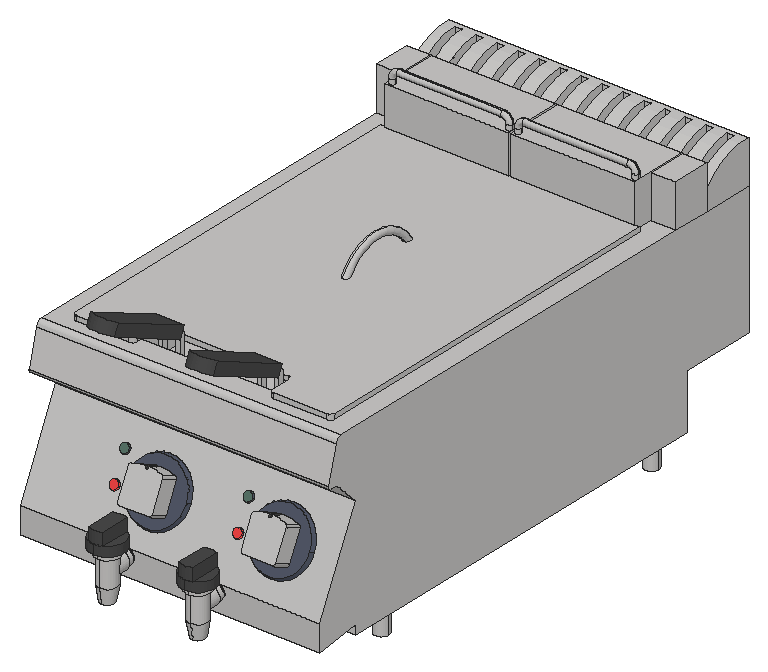
Revit family "QF_ZANUSSI_372074_Z7FRED2A00", category Specialty Equipment, Revit 2018
Family settings
  Round Connector Dimension = Use Diameter
  Part Type = Normal
  Work Plane-Based = No
  Always vertical = Yes
  Cut with Voids When Loaded = No
  Shared = No
  Room Calculation Point = No
Parameters
  Width = 400 mm  # constant formula
  Weight in Pounds = 44  # constant formula
  Weight = 0.00 kg
  Watts = 9000 W  # constant formula
  Volts = 400 V  # constant formula
  URL Manufacturer = "http://www.zanussiprofessional.com"
  URL Cutsheet = "www.electrolux.com/foodservice"
  URL = "http://www.zanussiprofessional.com"
  Type Mark [instance] = ""
  Steam Supply Size = 0"
  Steam Supply Minimum Pressure = 0.00 psi
  Steam Supply Maximum Pressure = 0.00 psi
  Steam Pounds per Hour = 0
  Status [instance] = ""
  Specification by User [instance] = ""
  Specification by Manufacturer = ""
  Show Logo [instance] = yes
  Show Clearance [instance] = yes
  Serial Number = ""
  Seismic Rating = ""
  SMACNA No = ""
  Revision Code [instance] = ""
  Refrigeration Suction Line Size = 0"
  Refrigeration Liquid Line Size = 0"
  Refrigerant Compressor Remote = yes
  Phase = 3  # constant formula
  Omniclass Number and Title = ""
  Number of Poles [instance] = 1
  NAFEM Spec ID Number = ""
  Model = "Z7FRED2A00"
  Min Ckt Ampacity = 0 A
  Max Overcurrent Protection = 0 A
  Masterspec = ""
  Manufacturer = "Zanussi"
  Length Actual = 400 mm  # constant formula
  Item Number [instance] = "372074"
  Installed By [instance] = ""
  Identify Quantity as Lot [instance] = yes
  Hot Water Size = 0"
  Height Actual = 250 mm  # constant formula
  Height = 333 mm  # constant formula
  HP = "12.1 HP"
  Gas Size = 0"
  Gas KW = 0
  Gas Input Pressure = 0.0 Btu/h
  Furnished By [instance] = ""
  Foodservice Equipment Identifier [instance] = yes
  FL Amps = if(Phase = 3, Watts / (Volts * 1.73), Watts / Volts)  # 13.0058 A
  Electrical Remarks [instance] = "400 V/3N ph/50/60 Hz"  # constant formula
  Electric Connection Type [instance] = ""
  Elec Conn RI Height [instance] = 0 mm
  Elec Conn Connection Height [instance] = 0 mm
  Direct Waste Size = 0"
  Description = "2X5 LITRE ELECTRIC FRYER TOP 400 MM"
  Depth Actual = 700 mm  # constant formula
  Depth = 715 mm  # constant formula
  Cycle = if([60 Hertz Option], 60 Hz, 50 Hz)  # 60 Hz
  Conn Plug = ""
  Conn Conduit = yes
  Condensate Return Size = 0"
  Compressed Air Volume = 0 GPM
  Compressed Air Size = 0"
  Compressed Air Pressure = 0.00 psi
  Cold Water Size = 0"
  CSI MasterFormat = ""
  CSI Master Format = ""
  Base Height [instance] = 25 mm  # constant formula
  Apparent Power = if(Phase = 3, Volts * FL Amps * 1.73, Volts * FL Amps)  # 9000 VA
  Accessory = yes
  60 Hertz Option = not([50 Hertz Option])  # yes
  50 Hertz Option = no
Reference planes
  plane 1 "BACK": y = 0
  plane 2: z = 0
  plane 3 "LEFT": x = 0
  plane 4 "RIGHT": x = 400
  plane 5 "FRONT": y = -715
  plane 6 "TOP": z = 333
  plane 7 "Center Y": x = 200
  plane 8 "Center X": y = -357.5
  plane 9 "BASE": z = 25
  plane 10 "TOP A": z = 275
  plane 11: y = -597.884
  plane 12: y = -147.637
Forms (mm)
  Extrusion 1, solid, material "QF_Finishes_Stainless Steel"
    sketch origin (0, 0, 0) x (0, 1, 0) y (0, 0, 1)
      loop
        line (0, 99) -> (0, 275) -> (-679.358, 275)
        arc (-679.358, 275) -> (-684.643, 272.811) -> (-686.833, 267.526) r 7.474
        line (-686.833, 267.526) -> (-699.884, 222.011)
        arc (-699.884, 222.011) -> (-699.396, 219.379) -> (-697, 218.184) r 3
        line (-697, 218.184) -> (-686.802, 218.184) -> (-654.982, 186.364) -> (-715, 65.508) -> (-715, 30.508) -> (-658.645, 38.428)
        arc (-658.645, 38.428) -> (-656.101, 37.674) -> (-655, 35.259) r 3.2
        line (-655, 35.259) -> (-655, 25) -> (-103, 25) -> (-103, 99) -> (0, 99)
    from 0 to 400
  Extrusion 2, solid, material "QF_Finishes_Stainless Steel"
    sketch origin (0, 0, 0) x (0, 1, 0) y (0, 0, 1)
      loop
        line (0, 275) -> (0, 333)
        arc (0, 333) -> (-38.715, 324.821) -> (-69.85, 300.4) r 87.358
        line (-69.85, 300.4) -> (-69.85, 275) -> (0, 275)
    from 0 to 400
  Extrusion 3, solid, material "QF_Finishes_Stainless Steel"
    sketch origin (0, 0, 275) x (-1, 0, 0) y (0, -1, 0)
      loop
        line (0, 69.85) -> (0, 120.65) -> (-31.75, 120.65) -> (-31.75, 69.85) -> (0, 69.85)
      loop
        line (-400, 69.85) -> (-368.25, 69.85) -> (-368.25, 120.65) -> (-400, 120.65) -> (-400, 69.85)
    from 0 to 58
  Extrusion 4, solid, material "QF_Finishes_Stainless Steel"
    sketch origin (0, 0, 275) x (-1, 0, 0) y (0, -1, 0)
      loop
        line (-33.338, 69.85) -> (-33.338, 147.762) -> (-198.412, 147.762) -> (-198.412, 69.85) -> (-33.338, 69.85)
      loop
        line (-366.662, 69.85) -> (-201.587, 69.85) -> (-201.587, 147.762) -> (-366.662, 147.762) -> (-366.662, 69.85)
    from 0 to 58
  Extrusion 5, void
    sketch origin (0, 0, 275) x (-1, 0, 0) y (0, -1, 0)
      loop
        line (-33.338, 147.762) -> (-33.338, 650.45) -> (-366.662, 650.45) -> (-366.662, 147.762) -> (-33.338, 147.762)
    from 0 to -101.6
  Extrusion 6, solid, material "QF_Finishes_Stainless Steel"
    sketch origin (0, 0, 275) x (-1, 0, 0) y (0, -1, 0)
      loop
        arc (-26.963, 655.762) -> (-28.822, 660.252) -> (-33.313, 662.112) r 6.35
        line (-33.313, 662.112) -> (-103.163, 662.112)
        arc (-103.163, 662.112) -> (-107.653, 660.252) -> (-109.513, 655.762) r 6.35
        line (-109.513, 655.762) -> (-109.513, 630.362)
        arc (-109.513, 630.362) -> (-111.372, 625.871) -> (-115.863, 624.012) r 6.35
        line (-115.863, 624.012) -> (-284.112, 624.012)
        arc (-284.112, 624.012) -> (-288.603, 625.871) -> (-290.462, 630.362) r 6.35
        line (-290.462, 630.362) -> (-290.462, 655.762)
        arc (-290.462, 655.762) -> (-292.322, 660.252) -> (-296.812, 662.112) r 6.35
        line (-296.812, 662.112) -> (-366.662, 662.112)
        arc (-366.662, 662.112) -> (-371.153, 660.252) -> (-373.012, 655.762) r 6.35
        line (-373.012, 655.762) -> (-373.012, 147.762) -> (-26.963, 147.762) -> (-26.963, 655.762)
    from 0 to 6.35
  Sweep 7, solid, material "QF_Finishes_Stainless Steel"
    path origin (200, 0, 0) x (0, 1, 0) y (0, 0, 1)
      loop
        arc (-315.761, 275) -> (-370.2, 308.779) -> (-424.639, 275) r 60.757
    profile origin (200, -370.2, 308.779) x (0, 0, -1) y (1, 0, 0)
      loop
        circle (0, 0) r 4.353
  Sweep 8, solid, material "QF_Finishes_Stainless Steel"
    path origin (0, 0, 0) x (1, 0, 0) y (0, 0, 1)
      loop
        line (39.688, 333) -> (39.688, 339.35)
        arc (39.688, 339.35) -> (41.547, 343.84) -> (46.038, 345.7) r 6.35
        line (46.038, 345.7) -> (185.713, 345.7)
        arc (185.713, 345.7) -> (190.203, 343.84) -> (192.063, 339.35) r 6.35
        line (192.063, 339.35) -> (192.063, 333)
    profile origin (39.688, 0, 336.175) x (-1, 0, 0) y (0, -1, 0)
      loop
        circle (2.09, 140.754) r 3.827
  Sweep 9, solid, material "QF_Finishes_Stainless Steel"
    path origin (400.05, 0, 0) x (-1, 0, 0) y (0, 0, 1)
      loop
        line (39.738, 333) -> (39.738, 339.35)
        arc (39.738, 339.35) -> (41.597, 343.84) -> (46.088, 345.7) r 6.35
        line (46.088, 345.7) -> (185.762, 345.7)
        arc (185.762, 345.7) -> (190.253, 343.84) -> (192.112, 339.35) r 6.35
        line (192.112, 339.35) -> (192.113, 333)
    profile origin (360.312, 0, 336.175) x (-1, 0, 0) y (0, -1, 0)
      loop
        circle (-2.09, 140.754) r 3.827
  Extrusion 10, void
    sketch origin (0, 0, 275) x (-1, 0, 0) y (0, -1, 0)
      loop
        line (-13.453, 6.761) -> (-13.453, 63.911) -> (-22.749, 63.911) -> (-22.749, 6.761) -> (-13.453, 6.761)
    from 25.4 to 63.5
  Extrusion 11, void
    sketch origin (400.05, 0, 275) x (1, 0, 0) y (0, 1, 0)
      loop
        line (-13.503, -6.761) -> (-22.799, -6.761) -> (-22.799, -63.911) -> (-13.503, -63.911) -> (-13.503, -6.761)
    from 25.4 to 63.5
  Extrusion 12, void
    sketch origin (27.988, 0, 275) x (-1, 0, 0) y (0, -1, 0)
      loop
        line (-13.453, 6.761) -> (-13.453, 63.911) -> (-22.749, 63.911) -> (-22.749, 6.761) -> (-13.453, 6.761)
    from 25.4 to 63.5
  Extrusion 13, void
    sketch origin (55.977, 0, 275) x (-1, 0, 0) y (0, -1, 0)
      loop
        line (-13.453, 6.761) -> (-13.453, 63.911) -> (-22.749, 63.911) -> (-22.749, 6.761) -> (-13.453, 6.761)
    from 25.4 to 63.5
  Extrusion 14, void
    sketch origin (83.965, 0, 275) x (-1, 0, 0) y (0, -1, 0)
      loop
        line (-13.428, 6.761) -> (-13.428, 63.911) -> (-22.724, 63.911) -> (-22.724, 6.761) -> (-13.428, 6.761)
    from 25.4 to 63.5
  Extrusion 15, void
    sketch origin (111.953, 0, 275) x (-1, 0, 0) y (0, -1, 0)
      loop
        line (-13.428, 6.761) -> (-13.428, 63.911) -> (-22.724, 63.911) -> (-22.724, 6.761) -> (-13.428, 6.761)
    from 25.4 to 63.5
  Extrusion 16, void
    sketch origin (139.942, 0, 275) x (-1, 0, 0) y (0, -1, 0)
      loop
        line (-13.428, 6.761) -> (-13.428, 63.911) -> (-22.724, 63.911) -> (-22.724, 6.761) -> (-13.428, 6.761)
    from 25.4 to 63.5
  Extrusion 17, void
    sketch origin (167.93, 0, 275) x (-1, 0, 0) y (0, -1, 0)
      loop
        line (-13.428, 6.761) -> (-13.428, 63.911) -> (-22.724, 63.911) -> (-22.724, 6.761) -> (-13.428, 6.761)
    from 25.4 to 63.5
  Extrusion 18, void
    sketch origin (195.918, 0, 275) x (-1, 0, 0) y (0, -1, 0)
      loop
        line (-13.428, 6.761) -> (-13.428, 63.911) -> (-22.724, 63.911) -> (-22.724, 6.761) -> (-13.428, 6.761)
    from 25.4 to 63.5
  Extrusion 19, void
    sketch origin (223.907, 0, 275) x (-1, 0, 0) y (0, -1, 0)
      loop
        line (-13.428, 6.761) -> (-13.428, 63.911) -> (-22.724, 63.911) -> (-22.724, 6.761) -> (-13.428, 6.761)
    from 25.4 to 63.5
  Extrusion 20, void
    sketch origin (251.895, 0, 275) x (-1, 0, 0) y (0, -1, 0)
      loop
        line (-13.428, 6.761) -> (-13.428, 63.911) -> (-22.724, 63.911) -> (-22.724, 6.761) -> (-13.428, 6.761)
    from 25.4 to 63.5
  Extrusion 21, void
    sketch origin (279.884, 0, 275) x (-1, 0, 0) y (0, -1, 0)
      loop
        line (-13.403, 6.761) -> (-13.403, 63.911) -> (-22.699, 63.911) -> (-22.699, 6.761) -> (-13.403, 6.761)
    from 25.4 to 63.5
  Extrusion 22, void
    sketch origin (307.872, 0, 275) x (-1, 0, 0) y (0, -1, 0)
      loop
        line (-13.403, 6.761) -> (-13.403, 63.911) -> (-22.699, 63.911) -> (-22.699, 6.761) -> (-13.403, 6.761)
    from 25.4 to 63.5
  Extrusion 23, void
    sketch origin (335.86, 0, 275) x (-1, 0, 0) y (0, -1, 0)
      loop
        line (-13.403, 6.761) -> (-13.403, 63.911) -> (-22.699, 63.911) -> (-22.699, 6.761) -> (-13.403, 6.761)
    from 25.4 to 63.5
  Extrusion 24, solid, material "QF_Finishes_Stainless Steel"
    sketch origin (0, 0, 0) x (1, 0, 0) y (0, 1, 0)
      loop
        circle (11.112, -147.638) r 9.525
      loop
        circle (11.112, -597.884) r 9.525
      loop
        circle (388.887, -147.638) r 9.525
      loop
        circle (388.887, -597.884) r 9.525
    from 0 to 25
  Extrusion 25, solid, material "QF_Finishes_Black"
    sketch origin (200.025, -750.105, 354.328) x (0, 0.906308, -0.422618) y (-1, 0, 0)
      loop
        line (10.103, 47.345) -> (128.716, 47.345) -> (128.716, 84.58) -> (10.103, 84.58)
        arc (10.103, 84.58) -> (-0.124, 65.962) -> (10.103, 47.345) r 22.059
    from -15.884 to 0
  Extrusion 26, solid, material "QF_Finishes_Stainless Steel"
    sketch origin (200, 0, 0) x (0, 1, 0) y (0, 0, 1)
      loop
        line (-635.377, 296.157) -> (-638.233, 290.032) -> (-633.536, 285.335) -> (-633.536, 166) -> (-627.186, 166) -> (-627.186, 287.965) -> (-635.377, 296.157)
    from -80.476 to -74.619
  Extrusion 27, solid, material "QF_Finishes_Stainless Steel"
    sketch origin (68.151, 0, 0) x (0, 1, 0) y (0, 0, -1)
      loop
        line (-635.377, -296.157) -> (-627.186, -287.965) -> (-627.186, -166) -> (-633.536, -166) -> (-633.536, -285.335) -> (-638.233, -290.032) -> (-635.377, -296.157)
    from -80.476 to -74.619
  Extrusion 28, solid, material "QF_Finishes_Black"
    sketch origin (200.025, -750.105, 354.328) x (0, 0.906308, -0.422618) y (-1, 0, 0)
      loop
        arc (10.103, -47.295) -> (-0.124, -65.912) -> (10.103, -84.53) r 22.059
        line (10.103, -84.53) -> (128.716, -84.53) -> (128.716, -47.295) -> (10.103, -47.295)
    from -15.884 to 0
  Extrusion 29, solid, material "QF_Finishes_Stainless Steel"
    sketch origin (200.025, 0, 0) x (0, 1, 0) y (0, 0, -1)
      loop
        line (-635.377, -296.157) -> (-627.186, -287.965) -> (-627.186, -166) -> (-633.536, -166) -> (-633.536, -285.335) -> (-638.233, -290.032) -> (-635.377, -296.157)
    from -80.476 to -74.619
  Extrusion 30, solid, material "QF_Finishes_Stainless Steel"
    sketch origin (331.899, 0, 0) x (0, 1, 0) y (0, 0, 1)
      loop
        line (-635.377, 296.157) -> (-638.233, 290.032) -> (-633.536, 285.335) -> (-633.536, 166) -> (-627.186, 166) -> (-627.186, 287.965) -> (-635.377, 296.157)
    from -80.476 to -74.619
  Revolve 31, solid, material "QF_Finishes_Stainless Steel"
    sketch origin (142.875, 0, 0) x (0, 1, 0) y (0, 0, 1)
      loop
        line (-747.926, 16.877) -> (-738.917, 16.877) -> (-735.301, 37.388) -> (-735.301, 73.729) -> (-732.023, 73.729) -> (-732.023, 81.608) -> (-725.673, 81.608) -> (-725.673, 94.308) -> (-747.926, 94.308) -> (-747.926, 16.877)
      axis (-747.926, 16.877) -> (-747.926, 94.308)
    angle from 0 to 360
  Revolve 32, solid, material "QF_Finishes_Stainless Steel"
    sketch origin (142.875, 0, 0) x (0, 1, 0) y (0, 0, 1)
      loop
        line (-698.522, 56.75) -> (-749.322, 56.75) -> (-749.322, 44.447) -> (-727.357, 44.447) -> (-727.357, 46.149) -> (-718.364, 46.149) -> (-718.364, 48.196) -> (-698.522, 48.196) -> (-698.522, 56.75)
      axis (-749.322, 56.75) -> (-698.522, 56.75)
    angle from 0 to 360
  Revolve 33, solid, material "QF_Finishes_Stainless Steel"
    sketch origin (263.525, 0, 0) x (0, 1, 0) y (0, 0, 1)
      loop
        line (-747.926, 16.877) -> (-738.917, 16.877) -> (-735.301, 37.388) -> (-735.301, 73.729) -> (-732.023, 73.729) -> (-732.023, 81.608) -> (-725.673, 81.608) -> (-725.673, 94.308) -> (-747.926, 94.308) -> (-747.926, 16.877)
      axis (-747.926, 16.877) -> (-747.926, 94.308)
    angle from 0 to 360
  Revolve 34, solid, material "QF_Finishes_Stainless Steel"
    sketch origin (263.525, 0, 0) x (0, 1, 0) y (0, 0, 1)
      loop
        line (-698.522, 56.75) -> (-749.322, 56.75) -> (-749.322, 44.447) -> (-727.357, 44.447) -> (-727.357, 46.149) -> (-718.364, 46.149) -> (-718.364, 48.196) -> (-698.522, 48.196) -> (-698.522, 56.75)
      axis (-749.322, 56.75) -> (-698.522, 56.75)
    angle from 0 to 360
  Extrusion 35, solid, material "QF_Finishes_Black"
    sketch origin (142.875, -747.926, 94.308) x (0, 1, 0) y (-1, 0, 0)
      loop
        line (20.063, 9.626) -> (-20.063, 9.626)
        arc (-20.063, 9.626) -> (-22.253, 0) -> (-20.063, -9.626) r 22.253
        line (-20.063, -9.626) -> (20.063, -9.626)
        arc (20.063, -9.626) -> (22.253, 0) -> (20.063, 9.626) r 22.253
      loop
        line (20.063, -111.024) -> (-20.063, -111.024)
        arc (-20.063, -111.024) -> (-22.253, -120.65) -> (-20.063, -130.276) r 22.253
        line (-20.063, -130.276) -> (20.063, -130.276)
        arc (20.063, -130.276) -> (22.253, -120.65) -> (20.063, -111.024) r 22.253
    from 0 to 16.412
  Extrusion 36, solid, material "QF_Finishes_Stainless Steel"
    sketch origin (0, -101.6, 102.788) x (0, 0, -1) y (-1, 0, 0)
      loop
        circle (43.882, -62.029) r 12.7
    from 0 to 12.7
  Extrusion 37, solid, material "QF_Finishes_Clearance", visible <- "Show Clearance", detail levels coarse
    sketch origin (0, 0, 0) x (1, 0, 0) y (0, 1, 0)
      loop
        line (0, -715) -> (0, 0) -> (400, 0) -> (400, -715) -> (550.019, -715) -> (550.019, 150.019) -> (-150.019, 150.019) -> (-150.019, -715) -> (0, -715)
    from 0 to 333
  Blend 38, solid, material "QF_Finishes_Navy Blue"
    base sketch origin (325.963, -684.991, 125.936) x (1, 0, 0) y (0, 0.444781, 0.895639)
      loop
        circle (0, 0) r 42.5
    top sketch origin (325.963, -684.991, 125.936) x (1, 0, 0) y (0, 0.444781, 0.895639)
      loop
        circle (0, 0) r 40.5
    from 0 to 5
  Extrusion 39, solid, material "QF_Finishes_Stainless Steel"
    sketch origin (325.963, -684.991, 125.936) x (1, 0, 0) y (0, 0.444781, 0.895639)
      loop
        arc (-21.147, 22.789) -> (-22.494, 21.685) -> (-23, 20.019) r 2.997
        line (-23, 20.019) -> (-23, -20.019)
        arc (-23, -20.019) -> (-22.122, -22.138) -> (-20.003, -23.016) r 2.997
        line (-20.003, -23.016) -> (20.003, -23.016)
        arc (20.003, -23.016) -> (22.122, -22.138) -> (23, -20.019) r 2.997
        line (23, -20.019) -> (23, 20.019)
        arc (23, 20.019) -> (22.494, 21.685) -> (21.147, 22.789) r 2.997
        arc (21.147, 22.789) -> (0, 26.984) -> (-21.147, 22.789) r 55.4
    from 10 to 34
  Extrusion 40, solid, material "QF_Plastic-Black-Matte"
    sketch origin (405.963, -684.991, 125.936) x (0, 0.444781, 0.895639) y (0, -0.895639, 0.444781)
      loop
        line (26.984, 34) -> (26.984, 19) -> (27.984, 19) -> (27.984, 34)
        arc (27.984, 34) -> (27.691, 34.707) -> (26.984, 35) r 1
        line (26.984, 35) -> (23.984, 35) -> (23.984, 34) -> (26.984, 34)
    from -81 to -79
  Extrusion 41, solid, material "QF_Finishes_Red"
    sketch origin (325.963, -689.439, 116.98) x (1, 0, 0) y (0, 0.444781, 0.895639)
      loop
        circle (-55.001, 0) r 6
    from 0 to 1.6
  Extrusion 42, solid, material "QF_Finishes_Stainless Steel"
    sketch origin (325.963, -684.991, 125.936) x (1, 0, 0) y (0, 0.444781, 0.895639)
      loop
        line (17.5, 17.5) -> (-17.5, 17.5) -> (-17.5, -17.5) -> (17.5, -17.5) -> (17.5, 17.5)
    from 5 to 10
  Blend 43, solid, material "QF_Finishes_Navy Blue"
    base sketch origin (160.963, -684.991, 125.936) x (1, 0, 0) y (0, 0.444781, 0.895639)
      loop
        circle (0, 0) r 42.5
    top sketch origin (160.963, -684.991, 125.936) x (1, 0, 0) y (0, 0.444781, 0.895639)
      loop
        circle (0, 0) r 40.5
    from 0 to 5
  Extrusion 44, solid, material "QF_Finishes_Stainless Steel"
    sketch origin (160.963, -684.991, 125.936) x (1, 0, 0) y (0, 0.444781, 0.895639)
      loop
        arc (-21.147, 22.789) -> (-22.494, 21.685) -> (-23, 20.019) r 2.997
        line (-23, 20.019) -> (-23, -20.019)
        arc (-23, -20.019) -> (-22.122, -22.138) -> (-20.003, -23.016) r 2.997
        line (-20.003, -23.016) -> (20.003, -23.016)
        arc (20.003, -23.016) -> (22.122, -22.138) -> (23, -20.019) r 2.997
        line (23, -20.019) -> (23, 20.019)
        arc (23, 20.019) -> (22.494, 21.685) -> (21.147, 22.789) r 2.997
        arc (21.147, 22.789) -> (0, 26.984) -> (-21.147, 22.789) r 55.4
    from 10 to 34
  Extrusion 45, solid, material "QF_Finishes_Stainless Steel"
    sketch origin (160.963, -684.991, 125.936) x (1, 0, 0) y (0, 0.444781, 0.895639)
      loop
        line (17.5, 17.5) -> (-17.5, 17.5) -> (-17.5, -17.5) -> (17.5, -17.5) -> (17.5, 17.5)
    from 5 to 10
  Extrusion 46, solid, material "QF_Plastic-Black-Matte"
    sketch origin (80.963, -684.991, 125.936) x (0, 0.444781, 0.895639) y (0, 0.895639, -0.444781)
      loop
        line (26.984, -34) -> (23.984, -34) -> (23.984, -35) -> (26.984, -35)
        arc (26.984, -35) -> (27.691, -34.707) -> (27.984, -34) r 1
        line (27.984, -34) -> (27.984, -19) -> (26.984, -19) -> (26.984, -34)
    from -81 to -79
  Extrusion 47, solid, material "QF_Finishes_DarkGreen"
    sketch origin (325.963, -671.648, 152.805) x (1, 0, 0) y (0, 0.444781, 0.895639)
      loop
        circle (-55.001, 0) r 6
    from 0 to 1.6
  Extrusion 48, solid, material "QF_Finishes_Red"
    sketch origin (160.963, -689.439, 116.98) x (1, 0, 0) y (0, 0.444781, 0.895639)
      loop
        circle (-55.001, 0) r 6
    from 0 to 1.6
  Extrusion 49, solid, material "QF_Finishes_DarkGreen"
    sketch origin (160.963, -671.648, 152.805) x (1, 0, 0) y (0, 0.444781, 0.895639)
      loop
        circle (-55.001, 0) r 6
    from 0 to 1.6
Cuts and joins
  Extrusion 5, Extrusion 10 cuts Extrusion 1
  Extrusion 5 cuts Extrusion 4
  joined: Extrusion 6, Sweep 7
  Extrusion 10, Extrusion 11, Extrusion 12, Extrusion 13, Extrusion 14, Extrusion 15, Extrusion 16, Extrusion 17, Extrusion 18, Extrusion 19, Extrusion 20, Extrusion 21, Extrusion 22, Extrusion 23 cuts Extrusion 2
Lines and regions (mm)
  Split face 1
    outline origin (327.627, -684.796, 137.57) x (1, 0, 0) y (0, 0.444781, 0.895639)
      loop
        circle (-34, 0) r 1.5
  Split face 2
    outline origin (324.26, -687.581, 131.962) x (1, 0, 0) y (0, 0.444781, 0.895639)
      loop
        circle (-30.633, -14.752) r 1.5
  Split face 3
    outline origin (327.177, -689.88, 127.332) x (1, 0, 0) y (0, 0.444781, 0.895639)
      loop
        circle (-21.199, -26.582) r 1.5
  Split face 4
    outline origin (333.529, -689.848, 127.397) x (1, 0, 0) y (0, 0.444781, 0.895639)
      loop
        circle (-7.566, -33.148) r 1.5
  Split face 5
    outline origin (338.382, -686.96, 133.212) x (1, 0, 0) y (0, 0.444781, 0.895639)
      loop
        circle (7.566, -33.148) r 1.5
  Split face 6
    outline origin (337.1, -682.319, 142.558) x (1, 0, 0) y (0, 0.444781, 0.895639)
      loop
        circle (21.199, -26.582) r 1.5
  Split face 7
    outline origin (327.463, -678.264, 150.724) x (1, 0, 0) y (0, 0.444781, 0.895639)
      loop
        circle (30.633, -14.752) r 1.5
  Split face 8
    outline origin (311.948, -677.235, 152.796) x (1, 0, 0) y (0, 0.444781, 0.895639)
      loop
        circle (34, 0) r 1.5
  Split face 9
    outline origin (162.627, -684.796, 137.57) x (1, 0, 0) y (0, 0.444781, 0.895639)
      loop
        circle (-34, 0) r 1.5
  Split face 10
    outline origin (159.26, -687.581, 131.962) x (1, 0, 0) y (0, 0.444781, 0.895639)
      loop
        circle (-30.633, -14.752) r 1.5
  Split face 11
    outline origin (162.177, -689.88, 127.332) x (1, 0, 0) y (0, 0.444781, 0.895639)
      loop
        circle (-21.199, -26.582) r 1.5
  Split face 12
    outline origin (168.529, -689.848, 127.397) x (1, 0, 0) y (0, 0.444781, 0.895639)
      loop
        circle (-7.566, -33.148) r 1.5
  Split face 13
    outline origin (173.382, -686.96, 133.212) x (1, 0, 0) y (0, 0.444781, 0.895639)
      loop
        circle (7.566, -33.148) r 1.5
  Split face 14
    outline origin (172.1, -682.319, 142.558) x (1, 0, 0) y (0, 0.444781, 0.895639)
      loop
        circle (21.199, -26.582) r 1.5
  Split face 15
    outline origin (162.666, -678.235, 150.783) x (1, 0, 0) y (0, 0.444781, 0.895639)
      loop
        circle (30.633, -14.752) r 1.5
  Split face 16
    outline origin (146.948, -677.235, 152.796) x (1, 0, 0) y (0, 0.444781, 0.895639)
      loop
        circle (34, 0) r 1.5
  Split face 17
    outline origin (325.963, -689.469, 128.16) x (1, 0, 0) y (0, 0.444781, 0.895639)
      loop
        circle (0, 33.561) r 1.5
  Split face 18
    outline origin (160.963, -689.469, 128.16) x (1, 0, 0) y (0, 0.444781, 0.895639)
      loop
        circle (0, 34) r 1.5
  symbolic lines, style "QF-Clearances", visible <- "Show Clearance", detail levels coarse
    curve 1: line (-150.019, 150.019, 275) -> (-150.019, -716.377, 275)
    curve 2: line (550.019, 150.019, 275) -> (-150.019, 150.019, 275)
    curve 3: line (550.019, -716.377, 275) -> (550.019, 150.019, 275)
  symbolic lines
    curve 4: line (0, 0, 275) -> (400, 0, 275)
    curve 5: line (0, -715, 275) -> (0, 0, 275)
    curve 6: line (400, 0, 275) -> (400, -715, 275)
    curve 7: line (22.724, -6.761, 275) -> (22.724, -63.911, 275)
    curve 8: line (22.724, -63.911, 275) -> (13.428, -63.911, 275)
    curve 9: line (13.428, -63.911, 275) -> (13.428, -6.761, 275)
    curve 10: line (13.428, -6.761, 275) -> (22.724, -6.761, 275)
    curve 11: line (386.547, -6.761, 275) -> (386.547, -63.911, 275)
    curve 12: line (386.547, -63.911, 275) -> (377.251, -63.911, 275)
    curve 13: line (377.251, -63.911, 275) -> (377.251, -6.761, 275)
    curve 14: line (377.251, -6.761, 275) -> (386.547, -6.761, 275)
    curve 15: line (50.712, -6.761, 275) -> (50.712, -63.911, 275)
    curve 16: line (50.712, -63.911, 275) -> (41.416, -63.911, 275)
    curve 17: line (41.416, -63.911, 275) -> (41.416, -6.761, 275)
    curve 18: line (41.416, -6.761, 275) -> (50.712, -6.761, 275)
    curve 19: line (78.7, -6.761, 275) -> (78.7, -63.911, 275)
    curve 20: line (78.7, -63.911, 275) -> (69.405, -63.911, 275)
    curve 21: line (69.405, -63.911, 275) -> (69.405, -6.761, 275)
    curve 22: line (69.405, -6.761, 275) -> (78.7, -6.761, 275)
    curve 23: line (106.689, -6.761, 275) -> (106.689, -63.911, 275)
    curve 24: line (106.689, -63.911, 275) -> (97.393, -63.911, 275)
    curve 25: line (97.393, -63.911, 275) -> (97.393, -6.761, 275)
    curve 26: line (97.393, -6.761, 275) -> (106.689, -6.761, 275)
    curve 27: line (134.677, -6.761, 275) -> (134.677, -63.911, 275)
    curve 28: line (134.677, -63.911, 275) -> (125.381, -63.911, 275)
    curve 29: line (125.381, -63.911, 275) -> (125.381, -6.761, 275)
    curve 30: line (125.381, -6.761, 275) -> (134.677, -6.761, 275)
    curve 31: line (162.665, -6.761, 275) -> (162.665, -63.911, 275)
    curve 32: line (162.665, -63.911, 275) -> (153.37, -63.911, 275)
    curve 33: line (153.37, -63.911, 275) -> (153.37, -6.761, 275)
    curve 34: line (153.37, -6.761, 275) -> (162.665, -6.761, 275)
    curve 35: line (190.654, -6.761, 275) -> (190.654, -63.911, 275)
    curve 36: line (190.654, -63.911, 275) -> (181.358, -63.911, 275)
    curve 37: line (181.358, -63.911, 275) -> (181.358, -6.761, 275)
    curve 38: line (181.358, -6.761, 275) -> (190.654, -6.761, 275)
    curve 39: line (218.642, -6.761, 275) -> (218.642, -63.911, 275)
    curve 40: line (218.642, -63.911, 275) -> (209.346, -63.911, 275)
    curve 41: line (209.346, -63.911, 275) -> (209.346, -6.761, 275)
    curve 42: line (209.346, -6.761, 275) -> (218.642, -6.761, 275)
    curve 43: line (246.605, -6.761, 275) -> (246.605, -63.911, 275)
    curve 44: line (246.605, -63.911, 275) -> (237.31, -63.911, 275)
    curve 45: line (237.31, -63.911, 275) -> (237.31, -6.761, 275)
    curve 46: line (237.31, -6.761, 275) -> (246.605, -6.761, 275)
    curve 47: line (274.594, -6.761, 275) -> (274.594, -63.911, 275)
    curve 48: line (274.594, -63.911, 275) -> (265.298, -63.911, 275)
    curve 49: line (265.298, -63.911, 275) -> (265.298, -6.761, 275)
    curve 50: line (265.298, -6.761, 275) -> (274.594, -6.761, 275)
    curve 51: line (302.582, -6.761, 275) -> (302.582, -63.911, 275)
    curve 52: line (302.582, -63.911, 275) -> (293.286, -63.911, 275)
    curve 53: line (293.286, -63.911, 275) -> (293.286, -6.761, 275)
    curve 54: line (293.286, -6.761, 275) -> (302.582, -6.761, 275)
    curve 55: line (330.57, -6.761, 275) -> (330.57, -63.911, 275)
    curve 56: line (330.57, -63.911, 275) -> (321.275, -63.911, 275)
    curve 57: line (321.275, -63.911, 275) -> (321.275, -6.761, 275)
    curve 58: line (321.275, -6.761, 275) -> (330.57, -6.761, 275)
    curve 59: line (358.559, -6.761, 275) -> (358.559, -63.911, 275)
    curve 60: line (358.559, -63.911, 275) -> (349.263, -63.911, 275)
    curve 61: line (349.263, -63.911, 275) -> (349.263, -6.761, 275)
    curve 62: line (349.263, -6.761, 275) -> (358.559, -6.761, 275)
    curve 63: line (26.962, -147.762, 275) -> (26.962, -655.737, 275)
    curve 64: arc (26.963, -655.737, 275) -> (28.83, -660.244, 275) -> (33.338, -662.112, 275) r 6.375
    curve 65: line (33.338, -662.112, 275) -> (103.163, -662.112, 275)
    curve 66: arc (103.163, -662.112, 275) -> (107.653, -660.252, 275) -> (109.513, -655.762, 275) r 6.35
    curve 67: line (109.513, -655.762, 275) -> (109.513, -630.362, 275)
    curve 68: arc (109.513, -630.362, 275) -> (111.372, -625.871, 275) -> (115.863, -624.012, 275) r 6.35
    curve 69: line (115.863, -624.012, 275) -> (284.112, -624.012, 275)
    curve 70: arc (284.112, -624.012, 275) -> (288.603, -625.871, 275) -> (290.462, -630.362, 275) r 6.35
    curve 71: line (290.462, -630.362, 275) -> (290.462, -655.762, 275)
    curve 72: arc (290.462, -655.762, 275) -> (292.322, -660.252, 275) -> (296.812, -662.112, 275) r 6.35
    curve 73: line (296.812, -662.112, 275) -> (366.662, -662.112, 275)
    curve 74: arc (366.662, -662.112, 275) -> (371.153, -660.252, 275) -> (373.012, -655.762, 275) r 6.35
    curve 75: line (373.012, -655.762, 275) -> (373.012, -147.762, 275)
    curve 76: line (373.012, -147.762, 275) -> (26.962, -147.762, 275)
    curve 77: line (0, -120.65, 275) -> (31.725, -120.65, 275)
    curve 78: line (31.725, -120.65, 275) -> (31.725, -69.85, 275)
    curve 79: line (31.725, -69.85, 275) -> (0, -69.85, 275)
    curve 80: line (0, -69.85, 275) -> (0, -120.65, 275)
    curve 81: line (0, -69.85, 275) -> (400, -69.85, 275)
    curve 82: line (33.312, -69.85, 275) -> (33.312, -147.762, 275)
    curve 83: line (198.412, -147.762, 275) -> (198.412, -69.85, 275)
    curve 84: line (201.587, -69.85, 275) -> (201.587, -147.762, 275)
    curve 85: line (201.587, -147.762, 275) -> (366.662, -147.762, 275)
    curve 86: line (33.312, -147.762, 275) -> (198.412, -147.762, 275)
    curve 87: line (366.662, -147.762, 275) -> (366.662, -69.85, 275)
    curve 88: line (368.25, -69.85, 275) -> (368.25, -120.65, 275)
    curve 89: line (368.25, -120.65, 275) -> (400, -120.65, 275)
    curve 90: line (284.555, -732.411, 275) -> (284.555, -633.449, 275)
    curve 91: line (284.555, -633.449, 275) -> (247.32, -633.449, 275)
    curve 92: line (247.32, -633.449, 275) -> (247.32, -732.411, 275)
    curve 93: spline (284.555, -732.411, 275) -> (282.322, -735.073, 275) -> (279.632, -737.361, 275) -> (276.558, -739.21, 275) -> (273.187, -740.569, 275) -> (269.614, -741.4, 275) -> (265.937, -741.68, 275) -> (262.261, -741.4, 275) -> (258.687, -740.569, 275) -> (255.316, -739.21, 275) -> (252.243, -737.361, 275) -> (249.552, -735.073, 275) -> (247.32, -732.411, 275)
    curve 94: line (152.68, -732.411, 275) -> (152.68, -633.449, 275)
    curve 95: line (115.445, -633.449, 275) -> (115.445, -732.411, 275)
    curve 96: line (152.68, -633.449, 275) -> (115.445, -633.449, 275)
    curve 97: spline (152.68, -732.411, 275) -> (150.448, -735.073, 275) -> (147.757, -737.361, 275) -> (144.684, -739.21, 275) -> (141.313, -740.569, 275) -> (137.739, -741.4, 275) -> (134.063, -741.68, 275) -> (130.386, -741.4, 275) -> (126.813, -740.569, 275) -> (123.442, -739.21, 275) -> (120.368, -737.361, 275) -> (117.678, -735.073, 275) -> (115.445, -732.411, 275)
    curve 98: line (152.68, -655.762, 275) -> (247.32, -655.762, 275)
    curve 99: line (284.555, -655.762, 275) -> (290.462, -655.762, 275)
    curve 100: line (115.445, -655.762, 275) -> (109.513, -655.762, 275)
    curve 101: line (125.381, -627.186, 275) -> (125.381, -633.449, 275)
    curve 102: line (119.524, -627.186, 275) -> (125.381, -627.186, 275)
    curve 103: line (119.524, -633.449, 275) -> (119.524, -627.186, 275)
    curve 104: line (148.601, -627.186, 275) -> (148.601, -633.449, 275)
    curve 105: line (142.744, -627.186, 275) -> (148.601, -627.186, 275)
    curve 106: line (142.744, -633.449, 275) -> (142.744, -627.186, 275)
    curve 107: line (257.231, -627.186, 275) -> (257.231, -633.449, 275)
    curve 108: line (251.374, -627.186, 275) -> (257.231, -627.186, 275)
    curve 109: line (251.374, -633.449, 275) -> (251.374, -627.186, 275)
    curve 110: line (280.451, -627.186, 275) -> (280.451, -633.449, 275)
    curve 111: line (274.594, -627.186, 275) -> (280.451, -627.186, 275)
    curve 112: line (274.594, -633.449, 275) -> (274.594, -627.186, 275)
    curve 113: spline (115.445, -725.698, 275) -> (117.678, -728.361, 275) -> (120.368, -730.648, 275) -> (123.442, -732.498, 275) -> (126.813, -733.857, 275) -> (130.386, -734.688, 275) -> (134.063, -734.967, 275) -> (137.739, -734.688, 275) -> (141.313, -733.857, 275) -> (144.684, -732.498, 275) -> (147.757, -730.648, 275) -> (150.448, -728.361, 275) -> (152.68, -725.698, 275)
    curve 114: spline (247.32, -725.698, 275) -> (249.552, -728.361, 275) -> (252.243, -730.648, 275) -> (255.316, -732.498, 275) -> (258.687, -733.857, 275) -> (262.261, -734.688, 275) -> (265.937, -734.967, 275) -> (269.614, -734.688, 275) -> (273.187, -733.857, 275) -> (276.558, -732.498, 275) -> (279.632, -730.648, 275) -> (282.322, -728.361, 275) -> (284.555, -725.698, 275)
    curve 115: line (195.545, -420.932, 275) -> (195.545, -319.469, 275)
    curve 116: line (204.443, -319.469, 275) -> (204.443, -420.932, 275)
    curve 117: arc (195.545, -420.932, 275) -> (199.994, -425.382, 275) -> (204.443, -420.932, 275) r 4.449
    curve 118: arc (195.545, -319.469, 275) -> (199.994, -315.02, 275) -> (204.443, -319.469, 275) r 4.449
    curve 119: arc (142.85, -770.179, 275) -> (164.523, -752.972, 275) -> (152.68, -727.962, 275) r 22.253
    curve 120: arc (122.575, -738.755, 275) -> (124.152, -759.99, 275) -> (142.85, -770.179, 275) r 22.253
    curve 121: arc (247.416, -732.547, 275) -> (243.038, -756.672, 275) -> (263.5, -770.179, 275) r 22.253
    curve 122: arc (263.5, -770.179, 275) -> (283.155, -758.359, 275) -> (281.931, -735.457, 275) r 22.253
    curve 123: line (152.476, -767.989, 275) -> (152.476, -732.549, 275)
    curve 124: line (133.224, -767.989, 275) -> (133.224, -741.666, 275)
    curve 125: line (253.874, -767.989, 275) -> (253.874, -739.756, 275)
    curve 126: line (273.126, -767.989, 275) -> (273.126, -740.589, 275)
    curve 127: line (37.598, -136.927, 275) -> (194.152, -136.927, 275)
    curve 128: line (37.598, -144.582, 275) -> (37.598, -136.927, 275)
    curve 129: line (194.152, -144.582, 275) -> (37.598, -144.582, 275)
    curve 130: line (194.152, -136.927, 275) -> (194.152, -144.582, 275)
    curve 131: line (205.848, -136.927, 275) -> (362.402, -136.927, 275)
    curve 132: line (205.848, -144.582, 275) -> (205.848, -136.927, 275)
    curve 133: line (362.402, -144.582, 275) -> (205.848, -144.582, 275)
    curve 134: line (362.402, -136.927, 275) -> (362.402, -144.582, 275)
    curve 135: line (302.963, -700, 0) -> (302.963, -724.347, 0)
    curve 136: arc (302.963, -724.347, 0) -> (303.109, -724.811, 0) -> (303.495, -725.107, 0) r 0.809
    curve 137: arc (303.495, -725.107, 0) -> (304.683, -725.587, 0) -> (305.96, -725.68, 0) r 4.127
    curve 138: arc (302.963, -704.292, 0) -> (297.922, -702.458, 0) -> (293.154, -700, 0) r 42.24
    curve 139: arc (302.963, -706.539, 0) -> (303.465, -705.818, 0) -> (304.263, -705.448, 0) r 1.682
    curve 140: arc (304.263, -705.448, 0) -> (314.565, -703.95, 0) -> (324.963, -703.441, 0) r 109.079
    curve 141: line (324.963, -700, 0) -> (324.963, -705.671, 0)
    curve 142: line (324.963, -705.671, 0) -> (326.963, -705.671, 0)
    curve 143: line (326.963, -705.671, 0) -> (326.963, -700, 0)
    curve 144: line (348.963, -700, 0) -> (348.963, -724.347, 0)
    curve 145: arc (348.963, -724.347, 0) -> (348.817, -724.811, 0) -> (348.431, -725.107, 0) r 0.809
    curve 146: arc (348.431, -725.107, 0) -> (347.243, -725.587, 0) -> (345.966, -725.68, 0) r 4.127
    curve 147: arc (348.963, -704.292, 0) -> (354.004, -702.458, 0) -> (358.772, -700, 0) r 42.24
    curve 148: arc (348.963, -706.539, 0) -> (348.461, -705.818, 0) -> (347.664, -705.448, 0) r 1.682
    curve 149: arc (347.664, -705.448, 0) -> (337.361, -703.95, 0) -> (326.963, -703.441, 0) r 109.079
    curve 150: line (305.96, -725.68, 0) -> (345.966, -725.68, 0)
    curve 151: arc (152.68, -703.693, 0) -> (156.32, -703.506, 0) -> (159.963, -703.441, 0) r 109.079
    curve 152: line (159.963, -700, 0) -> (159.963, -705.671, 0)
    curve 153: line (159.963, -705.671, 0) -> (161.963, -705.671, 0)
    curve 154: line (161.963, -705.671, 0) -> (161.963, -700, 0)
    curve 155: line (183.963, -700, 0) -> (183.963, -724.347, 0)
    curve 156: arc (183.963, -724.347, 0) -> (183.817, -724.811, 0) -> (183.431, -725.107, 0) r 0.809
    curve 157: arc (183.431, -725.107, 0) -> (182.243, -725.587, 0) -> (180.966, -725.68, 0) r 4.127
    curve 158: arc (183.963, -704.292, 0) -> (189.004, -702.458, 0) -> (193.772, -700, 0) r 42.24
    curve 159: arc (183.963, -706.539, 0) -> (183.461, -705.818, 0) -> (182.664, -705.448, 0) r 1.682
    curve 160: arc (182.664, -705.448, 0) -> (172.361, -703.95, 0) -> (161.963, -703.441, 0) r 109.079
    curve 161: line (152.612, -725.68, 0) -> (180.966, -725.68, 0)
    curve 162: line (183.963, -715, 275) -> (247.32, -715, 275)
    curve 163: line (284.555, -715, 275) -> (302.963, -715, 275)
    curve 164: line (348.963, -715, 275) -> (400, -715, 275)
    curve 166: line (152.68, -700, 275) -> (247.32, -700, 275)
    curve 167: line (284.555, -700, 275) -> (400, -700, 275)
  model lines
    curve 165: line (115.445, -715, 275) -> (0, -715, 275)
    curve 168: line (115.445, -700, 275) -> (0, -700, 275)
Dimensions and locks
  equal spacing: plane 3 "LEFT", plane 7 "Center Y", plane 4 "RIGHT"
  "Width": plane 3 "LEFT" to plane 4 "RIGHT"
  equal spacing: plane 5 "FRONT", plane 8 "Center X", plane 1 "BACK"
  "Depth": plane 5 "FRONT" to plane 1 "BACK"
  "Height": plane 6 "TOP" to level
  "Base Height": plane 9 "BASE" to level
  plane 1 "BACK" to plane 5 "FRONT" = 715 mm
  plane 10 "TOP A" to plane 9 "BASE" = 250 mm
  locked: Extrusion 6 sketch curve to Extrusion 6 sketch curve at 82.55
  aligned and locked: level to plane 2
  aligned and locked: plane 4 "RIGHT" to Extrusion 1
  aligned and locked: plane 4 "RIGHT" to Extrusion 2
  aligned and locked: plane 6 "TOP" to Extrusion 3
  aligned and locked: plane 6 "TOP" to Extrusion 4
  aligned and locked: plane 9 "BASE" to Extrusion 24
  aligned and locked: plane 6 "TOP" to Extrusion 37
Automatic sketch dimensions
  Sweep 7 sketch curve to plane 10 "TOP A" = 0 mm  (x2)
  Sweep 7 sketch curve to plane 8 "Center X" = 67.139 mm
  Sweep 7 sketch curve to plane 8 "Center X" = 12.7 mm
  Sweep 7 sketch curve to plane 10 "TOP A" = 26.978 mm
  Sweep 7 sketch curve to plane 7 "Center Y" = 0 mm
  Sweep 7 sketch curve to profile plane = 0 mm
  plane 1 "BACK" to Extrusion 10 sketch curve = 6.761 mm
  plane 3 "LEFT" to Extrusion 10 sketch curve = 22.749 mm
  Extrusion 10 sketch curve to Extrusion 10 sketch curve = 9.296 mm
  Extrusion 10 sketch curve to Extrusion 10 sketch curve = 57.15 mm
  plane 1 "BACK" to Extrusion 12 sketch curve = 6.761 mm
  plane 3 "LEFT" to Extrusion 12 sketch curve = 50.737 mm
  Extrusion 12 sketch curve to Extrusion 12 sketch curve = 9.296 mm
  Extrusion 12 sketch curve to Extrusion 12 sketch curve = 57.15 mm
  plane 1 "BACK" to Extrusion 13 sketch curve = 6.761 mm
  plane 3 "LEFT" to Extrusion 13 sketch curve = 78.725 mm
  Extrusion 13 sketch curve to Extrusion 13 sketch curve = 9.296 mm
  Extrusion 13 sketch curve to Extrusion 13 sketch curve = 57.15 mm
  plane 1 "BACK" to Extrusion 14 sketch curve = 6.761 mm
  Extrusion 14 sketch curve to plane 7 "Center Y" = 93.311 mm
  Extrusion 14 sketch curve to Extrusion 14 sketch curve = 9.296 mm
  Extrusion 14 sketch curve to Extrusion 14 sketch curve = 57.15 mm
  plane 1 "BACK" to Extrusion 15 sketch curve = 6.761 mm
  Extrusion 15 sketch curve to plane 7 "Center Y" = 65.323 mm
  Extrusion 15 sketch curve to Extrusion 15 sketch curve = 9.296 mm
  Extrusion 15 sketch curve to Extrusion 15 sketch curve = 57.15 mm
  plane 1 "BACK" to Extrusion 16 sketch curve = 6.761 mm
  Extrusion 16 sketch curve to plane 7 "Center Y" = 37.335 mm
  Extrusion 16 sketch curve to Extrusion 16 sketch curve = 9.296 mm
  Extrusion 16 sketch curve to Extrusion 16 sketch curve = 57.15 mm
  Extrusion 17 sketch curve to plane 7 "Center Y" = 9.346 mm
  Extrusion 17 sketch curve to Extrusion 17 sketch curve = 9.296 mm
  plane 1 "BACK" to Extrusion 17 sketch curve = 6.761 mm
  Extrusion 17 sketch curve to Extrusion 17 sketch curve = 57.15 mm
  plane 1 "BACK" to Extrusion 18 sketch curve = 6.761 mm
  plane 7 "Center Y" to Extrusion 18 sketch curve = 18.642 mm
  Extrusion 18 sketch curve to Extrusion 18 sketch curve = 9.296 mm
  Extrusion 18 sketch curve to Extrusion 18 sketch curve = 57.15 mm
  plane 1 "BACK" to Extrusion 19 sketch curve = 6.761 mm
  plane 7 "Center Y" to Extrusion 19 sketch curve = 46.63 mm
  Extrusion 19 sketch curve to Extrusion 19 sketch curve = 9.296 mm
  Extrusion 19 sketch curve to Extrusion 19 sketch curve = 57.15 mm
  plane 1 "BACK" to Extrusion 20 sketch curve = 6.761 mm
  plane 7 "Center Y" to Extrusion 20 sketch curve = 74.619 mm
  Extrusion 20 sketch curve to Extrusion 20 sketch curve = 9.296 mm
  Extrusion 20 sketch curve to Extrusion 20 sketch curve = 57.15 mm
  Extrusion 25 sketch curve to plane 7 "Center Y" = 47.32 mm
  Extrusion 25 sketch curve to Extrusion 25 sketch curve = 0 mm
  Extrusion 25 sketch curve to Extrusion 25 sketch curve = 11.832 mm
  Extrusion 25 sketch curve to plane 7 "Center Y" = 84.555 mm
  Extrusion 25 sketch curve to Extrusion 25 sketch curve = 106.78 mm
  plane 10 "TOP A" to Extrusion 26 sketch curve = 15.032 mm
  plane 11 to Extrusion 26 sketch curve = 40.349 mm
  Extrusion 26 sketch curve to Extrusion 26 sketch curve = 2.856 mm
  plane 11 to Extrusion 26 sketch curve = 35.652 mm
  Extrusion 26 sketch curve to Extrusion 26 sketch curve = 6.35 mm
  Extrusion 26 sketch curve to Extrusion 26 sketch curve = 2.067 mm
  Extrusion 26 sketch curve to Extrusion 26 sketch curve = 4.697 mm
  Extrusion 26 sketch curve to plane 10 "TOP A" = 109 mm
  Extrusion 26 sketch curve to Extrusion 26 sketch curve = 6.124 mm
  plane 10 "TOP A" to Extrusion 27 sketch curve = 15.032 mm
  plane 11 to Extrusion 27 sketch curve = 40.349 mm
  Extrusion 27 sketch curve to Extrusion 27 sketch curve = 2.856 mm
  plane 11 to Extrusion 27 sketch curve = 35.652 mm
  Extrusion 27 sketch curve to Extrusion 27 sketch curve = 6.35 mm
  Extrusion 27 sketch curve to Extrusion 27 sketch curve = 6.124 mm
  Extrusion 27 sketch curve to Extrusion 27 sketch curve = 2.067 mm
  Extrusion 27 sketch curve to Extrusion 27 sketch curve = 4.697 mm
  Extrusion 27 sketch curve to plane 10 "TOP A" = 109 mm
  plane 7 "Center Y" to Extrusion 28 sketch curve = 47.32 mm
  Extrusion 28 sketch curve to Extrusion 28 sketch curve = 0 mm
  Extrusion 28 sketch curve to Extrusion 28 sketch curve = 11.832 mm
  plane 7 "Center Y" to Extrusion 28 sketch curve = 84.555 mm
  Extrusion 28 sketch curve to Extrusion 28 sketch curve = 106.78 mm
  plane 10 "TOP A" to Extrusion 29 sketch curve = 15.032 mm
  plane 11 to Extrusion 29 sketch curve = 40.349 mm
  Extrusion 29 sketch curve to Extrusion 29 sketch curve = 2.856 mm
  plane 11 to Extrusion 29 sketch curve = 35.652 mm
  Extrusion 29 sketch curve to Extrusion 29 sketch curve = 6.35 mm
  Extrusion 29 sketch curve to Extrusion 29 sketch curve = 6.124 mm
  Extrusion 29 sketch curve to Extrusion 29 sketch curve = 2.067 mm
  Extrusion 29 sketch curve to Extrusion 29 sketch curve = 4.697 mm
  Extrusion 29 sketch curve to plane 10 "TOP A" = 109 mm
  plane 10 "TOP A" to Extrusion 30 sketch curve = 15.032 mm
  plane 11 to Extrusion 30 sketch curve = 40.349 mm
  Extrusion 30 sketch curve to Extrusion 30 sketch curve = 2.856 mm
  plane 11 to Extrusion 30 sketch curve = 35.652 mm
  Extrusion 30 sketch curve to Extrusion 30 sketch curve = 6.35 mm
  Extrusion 30 sketch curve to Extrusion 30 sketch curve = 2.067 mm
  Extrusion 30 sketch curve to Extrusion 30 sketch curve = 4.697 mm
  Extrusion 30 sketch curve to plane 10 "TOP A" = 109 mm
  Extrusion 30 sketch curve to Extrusion 30 sketch curve = 6.124 mm
  plane 3 "LEFT" to Blend 38 sketch curve = 325.963 mm  (x2)
  plane 3 "LEFT" to Extrusion 39 sketch curve = 302.963 mm
  Extrusion 39 sketch curve to Extrusion 39 sketch curve = 2.997 mm  (x3)
  Extrusion 39 sketch curve to Extrusion 39 sketch curve = 20.003 mm  (x2)
  Extrusion 39 sketch curve to Extrusion 39 sketch curve = 40.005 mm
  Extrusion 39 sketch curve to Extrusion 39 sketch curve = 5.399 mm
  Extrusion 39 sketch curve to Extrusion 39 sketch curve = 40.037 mm
  Extrusion 39 sketch curve to Extrusion 39 sketch curve = 0 mm  (x2)
  Extrusion 40 sketch curve to plane 5 "FRONT" = 9.329 mm
  Extrusion 40 sketch curve to plane 10 "TOP A" = 112.016 mm
  Extrusion 40 sketch curve to Extrusion 40 sketch curve = 3 mm
  Extrusion 40 sketch curve to Extrusion 40 sketch curve = 0 mm  (x2)
  Extrusion 40 sketch curve to Extrusion 40 sketch curve = 1 mm
  Extrusion 40 sketch curve to Extrusion 40 sketch curve = 15 mm
  plane 3 "LEFT" to Extrusion 41 sketch curve = 270.962 mm
  plane 3 "LEFT" to Extrusion 42 sketch curve = 308.463 mm
  Extrusion 42 sketch curve to Extrusion 42 sketch curve = 35 mm  (x2)
  plane 3 "LEFT" to Blend 43 sketch curve = 160.963 mm  (x2)
  plane 3 "LEFT" to Extrusion 44 sketch curve = 137.963 mm
  Extrusion 44 sketch curve to Extrusion 44 sketch curve = 2.997 mm  (x3)
  Extrusion 44 sketch curve to Extrusion 44 sketch curve = 20.003 mm  (x2)
  Extrusion 44 sketch curve to Extrusion 44 sketch curve = 40.005 mm
  Extrusion 44 sketch curve to Extrusion 44 sketch curve = 5.399 mm
  Extrusion 44 sketch curve to Extrusion 44 sketch curve = 40.037 mm
  Extrusion 44 sketch curve to Extrusion 44 sketch curve = 0 mm  (x2)
  plane 3 "LEFT" to Extrusion 45 sketch curve = 143.463 mm
  Extrusion 45 sketch curve to Extrusion 45 sketch curve = 35 mm  (x2)
  Extrusion 46 sketch curve to plane 5 "FRONT" = 9.329 mm
  Extrusion 46 sketch curve to plane 10 "TOP A" = 112.016 mm
  Extrusion 46 sketch curve to Extrusion 46 sketch curve = 3 mm
  Extrusion 46 sketch curve to Extrusion 46 sketch curve = 0 mm
  Extrusion 46 sketch curve to Extrusion 46 sketch curve = 1 mm  (x2)
  Extrusion 46 sketch curve to Extrusion 46 sketch curve = 15 mm
  plane 3 "LEFT" to Extrusion 47 sketch curve = 270.962 mm
  plane 3 "LEFT" to Extrusion 48 sketch curve = 105.962 mm
  plane 3 "LEFT" to Extrusion 49 sketch curve = 105.962 mm
  curve 153 to plane 5 "FRONT" = 9.329 mm
  curve 153 to plane 7 "Center Y" = 40.037 mm
  curve 151 to plane 7 "Center Y" = 39.906 mm
  curve 151 to curve 160 = 1.738 mm
  curve 152 to curve 153 = 2 mm
  curve 158 to plane 7 "Center Y" = 27.929 mm
  curve 161 to plane 7 "Center Y" = 19.034 mm
  curve 161 to curve 157 = 0.343 mm
  curve 157 to curve 159 = 1.071 mm
  curve 161 to curve 156 = 2.189 mm
  curve 156 to curve 155 = 0.809 mm
  plane 5 "FRONT" to curve 135 = 9.347 mm
  curve 135 to plane 4 "RIGHT" = 97.037 mm
  curve 135 to curve 136 = 0.809 mm
  curve 139 to curve 139 = 1.583 mm
  curve 136 to curve 137 = 1.846 mm
  curve 136 to curve 150 = 2.189 mm
  curve 135 to curve 138 = 11.892 mm
  curve 142 to plane 5 "FRONT" = 9.329 mm
  curve 139 to curve 142 = 20.417 mm
  curve 140 to plane 4 "RIGHT" = 74.906 mm
  curve 140 to curve 149 = 1.738 mm
  curve 141 to curve 142 = 2 mm
  curve 138 to curve 147 = 22.215 mm
  curve 142 to curve 150 = 19.003 mm
  curve 146 to curve 146 = 0.343 mm
  curve 146 to curve 148 = 1.071 mm
  curve 146 to curve 145 = 2.189 mm
  curve 145 to curve 144 = 0.809 mm
  plane 5 "FRONT" to curve 161 = 10.68 mm
  plane 5 "FRONT" to curve 150 = 10.68 mm
  curve 149 to curve 150 = 86.839 mm
  curve 151 to curve 161 = 86.839 mm
  curve 151 to curve 160 = 0 mm
  curve 140 to curve 149 = 0 mm
  curve 161 to curve 156 = 1.333 mm
  curve 146 to curve 144 = 1.333 mm
  curve 156 to curve 157 = 2.779 mm
  curve 136 to curve 137 = 2.779 mm
  curve 145 to curve 146 = 2.779 mm
  curve 148 to plane 5 "FRONT" = 7.894 mm
  curve 139 to plane 5 "FRONT" = 7.894 mm
  curve 159 to plane 5 "FRONT" = 7.894 mm
  curve 141 to curve 138 = 41.91 mm
  curve 138 to curve 147 = 0 mm
  curve 153 to curve 158 = 41.91 mm
  curve 151 to curve 151 = 7.283 mm
  curve 161 to curve 152 = 7.351 mm
  curve 159 to curve 159 = 0.284 mm
  curve 158 to plane 7 "Center Y" = 6.228 mm
  curve 138 to curve 135 = 9.809 mm
  curve 139 to curve 139 = 0.284 mm
  curve 148 to curve 149 = 0.284 mm
  curve 144 to curve 147 = 9.809 mm
  curve 148 to curve 148 = 0.567 mm
  curve 159 to curve 159 = 0.567 mm
  curve 139 to curve 139 = 0.567 mm
  curve 140 to curve 138 = 1.156 mm
  curve 160 to curve 158 = 1.156 mm
  curve 149 to curve 147 = 1.156 mm
  curve 152 to curve 151 = 1.978 mm
  curve 151 to curve 152 = 3.441 mm
  curve 149 to curve 143 = 3.441 mm
  curve 147 to curve 144 = 4.292 mm
  curve 158 to curve 155 = 4.292 mm
  curve 141 to curve 143 = 0 mm
  curve 152 to curve 154 = 0 mm
  curve 138 to curve 135 = 4.292 mm
  Extrusion 1 sketch curve to plane 5 "FRONT" = 0 mm
  Extrusion 1 sketch curve to plane 10 "TOP A" = 0 mm
  Extrusion 1 sketch curve to plane 9 "BASE" = 0 mm
  Extrusion 1 sketch curve to plane 1 "BACK" = 0 mm
  Extrusion 1 sketch curve to plane 5 "FRONT" = 15.116 mm
  Extrusion 1 sketch curve to Extrusion 1 sketch curve = 2.884 mm
  Extrusion 1 sketch curve to plane 10 "TOP A" = 7.474 mm
  Extrusion 1 sketch curve to plane 5 "FRONT" = 28.167 mm
  Extrusion 1 sketch curve to Extrusion 1 sketch curve = 10.198 mm
  plane 9 "BASE" to Extrusion 1 sketch curve = 13.428 mm
  Extrusion 1 sketch curve to plane 5 "FRONT" = 56.355 mm
  Extrusion 1 sketch curve to Extrusion 1 sketch curve = 0.445 mm
  Extrusion 1 sketch curve to Extrusion 1 sketch curve = 3.2 mm
  Extrusion 1 sketch curve to Extrusion 1 sketch curve = 31.82 mm
  Extrusion 1 sketch curve to plane 12 = 44.638 mm
  plane 9 "BASE" to Extrusion 1 sketch curve = 5.508 mm
  Extrusion 1 sketch curve to Extrusion 1 sketch curve = 35 mm
  Extrusion 1 sketch curve to Extrusion 1 sketch curve = 74 mm
  Extrusion 1 sketch curve to Extrusion 1 sketch curve = 81.162 mm
  Extrusion 1 sketch curve to Extrusion 1 sketch curve = 49.342 mm
  Extrusion 1 sketch curve to Extrusion 1 sketch curve = 3 mm
  Extrusion 2 sketch curve to plane 10 "TOP A" = 0 mm
  Extrusion 2 sketch curve to plane 1 "BACK" = 0 mm
  Extrusion 2 sketch curve to plane 6 "TOP" = 0 mm
  plane 1 "BACK" to Extrusion 2 sketch curve = 1.769 mm
  plane 10 "TOP A" to Extrusion 2 sketch curve = 25.4 mm
  plane 1 "BACK" to Extrusion 2 sketch curve = 69.85 mm
  Extrusion 3 sketch curve to plane 4 "RIGHT" = 0 mm
  Extrusion 3 sketch curve to plane 3 "LEFT" = 0 mm
  Extrusion 3 sketch curve to Extrusion 3 sketch curve = 31.75 mm
  plane 3 "LEFT" to Extrusion 3 sketch curve = 31.75 mm
  plane 1 "BACK" to Extrusion 3 sketch curve = 69.85 mm  (x2)
  Extrusion 3 sketch curve to plane 12 = 26.988 mm  (x2)
  plane 12 to Extrusion 4 sketch curve = 0.124 mm  (x2)
  Extrusion 4 sketch curve to plane 4 "RIGHT" = 33.338 mm
  plane 7 "Center Y" to Extrusion 4 sketch curve = 1.587 mm
  Extrusion 4 sketch curve to plane 7 "Center Y" = 1.588 mm
  plane 3 "LEFT" to Extrusion 4 sketch curve = 33.338 mm
  plane 1 "BACK" to Extrusion 4 sketch curve = 69.85 mm
  Extrusion 4 sketch curve to Extrusion 4 sketch curve = 0 mm
  plane 12 to Extrusion 5 sketch curve = 0.124 mm
  Extrusion 5 sketch curve to plane 4 "RIGHT" = 33.338 mm
  plane 3 "LEFT" to Extrusion 5 sketch curve = 33.338 mm
  plane 11 to Extrusion 5 sketch curve = 52.566 mm
  plane 12 to Extrusion 6 sketch curve = 0.124 mm
  Extrusion 6 sketch curve to plane 4 "RIGHT" = 26.988 mm
  Extrusion 6 sketch curve to Extrusion 6 sketch curve = 6.35 mm  (x6)
  Extrusion 6 sketch curve to Extrusion 6 sketch curve = 69.85 mm
  plane 11 to Extrusion 6 sketch curve = 32.477 mm
  Extrusion 6 sketch curve to plane 7 "Center Y" = 84.137 mm
  Extrusion 6 sketch curve to Extrusion 6 sketch curve = 25.4 mm
  plane 11 to Extrusion 6 sketch curve = 57.877 mm
  Sweep 8 sketch curve to plane 6 "TOP" = 0 mm  (x2)
  plane 6 "TOP" to Sweep 8 sketch curve = 6.35 mm  (x2)
  plane 3 "LEFT" to Sweep 8 sketch curve = 39.688 mm
  Sweep 8 sketch curve to Sweep 8 sketch curve = 6.35 mm
  Sweep 8 sketch curve to plane 7 "Center Y" = 14.287 mm
  Sweep 8 sketch curve to profile plane = 2.09 mm
  plane 1 "BACK" to Sweep 8 sketch curve = 140.754 mm
  Sweep 9 sketch curve to plane 6 "TOP" = 0 mm  (x2)
  Sweep 9 sketch curve to plane 6 "TOP" = 6.35 mm  (x2)
  plane 4 "RIGHT" to Sweep 9 sketch curve = 39.688 mm
  Sweep 9 sketch curve to Sweep 9 sketch curve = 6.35 mm
  Sweep 9 sketch curve to plane 7 "Center Y" = 14.287 mm
  profile plane to Sweep 9 sketch curve = 2.09 mm
  plane 1 "BACK" to Sweep 9 sketch curve = 140.754 mm
  Extrusion 11 sketch curve to plane 1 "BACK" = 6.761 mm
  plane 4 "RIGHT" to Extrusion 11 sketch curve = 22.749 mm
  Extrusion 11 sketch curve to Extrusion 11 sketch curve = 9.296 mm
  Extrusion 11 sketch curve to Extrusion 11 sketch curve = 57.15 mm
  plane 1 "BACK" to Extrusion 21 sketch curve = 6.761 mm
  Extrusion 21 sketch curve to plane 4 "RIGHT" = 97.418 mm
  Extrusion 21 sketch curve to Extrusion 21 sketch curve = 9.296 mm
  Extrusion 21 sketch curve to Extrusion 21 sketch curve = 57.15 mm
  plane 1 "BACK" to Extrusion 22 sketch curve = 6.761 mm
  Extrusion 22 sketch curve to plane 4 "RIGHT" = 69.43 mm
  Extrusion 22 sketch curve to Extrusion 22 sketch curve = 9.296 mm
  Extrusion 22 sketch curve to Extrusion 22 sketch curve = 57.15 mm
  plane 1 "BACK" to Extrusion 23 sketch curve = 6.761 mm
  Extrusion 23 sketch curve to plane 4 "RIGHT" = 41.441 mm
  Extrusion 23 sketch curve to Extrusion 23 sketch curve = 9.296 mm
  Extrusion 23 sketch curve to Extrusion 23 sketch curve = 57.15 mm
  plane 11 to Extrusion 24 sketch curve = 0 mm  (x2)
  plane 12 to Extrusion 24 sketch curve = 0 mm  (x2)
  plane 3 "LEFT" to Extrusion 24 sketch curve = 11.112 mm  (x2)
  Extrusion 24 sketch curve to plane 4 "RIGHT" = 11.113 mm  (x2)
  Revolve 31 sketch curve to plane 9 "BASE" = 8.123 mm
  plane 5 "FRONT" to Revolve 31 sketch curve = 32.926 mm
  Revolve 31 sketch curve to Revolve 31 sketch curve = 9.009 mm
  plane 5 "FRONT" to Revolve 31 sketch curve = 20.301 mm
  Revolve 31 sketch curve to Revolve 31 sketch curve = 3.277 mm
  Revolve 31 sketch curve to Revolve 31 sketch curve = 6.35 mm
  plane 9 "BASE" to Revolve 31 sketch curve = 12.388 mm
  Revolve 31 sketch curve to Revolve 31 sketch curve = 36.341 mm
  Revolve 31 sketch curve to Revolve 31 sketch curve = 7.879 mm
  Revolve 31 sketch curve to Revolve 31 sketch curve = 12.7 mm  (x2)
  Revolve 31 sketch curve to Revolve 31 sketch curve = 0 mm
  Revolve 31 sketch curve to Revolve 31 sketch curve = 15.064 mm
  plane 5 "FRONT" to Revolve 32 sketch curve = 34.322 mm
  plane 5 "FRONT" to Revolve 32 sketch curve = 12.357 mm
  plane 5 "FRONT" to Revolve 32 sketch curve = 3.364 mm
  Revolve 32 sketch curve to plane 5 "FRONT" = 16.478 mm
  plane 9 "BASE" to Revolve 32 sketch curve = 19.447 mm
  Revolve 32 sketch curve to Revolve 32 sketch curve = 1.702 mm
  Revolve 32 sketch curve to Revolve 32 sketch curve = 2.047 mm
  Revolve 32 sketch curve to Revolve 32 sketch curve = 12.303 mm
  Revolve 32 sketch curve to Revolve 32 sketch curve = 0 mm  (x2)
  Revolve 32 sketch curve to Revolve 32 sketch curve = 9.137 mm
  Revolve 33 sketch curve to plane 9 "BASE" = 8.123 mm
  plane 5 "FRONT" to Revolve 33 sketch curve = 32.926 mm
  Revolve 33 sketch curve to Revolve 33 sketch curve = 9.009 mm
  plane 5 "FRONT" to Revolve 33 sketch curve = 20.301 mm
  Revolve 33 sketch curve to Revolve 33 sketch curve = 3.277 mm
